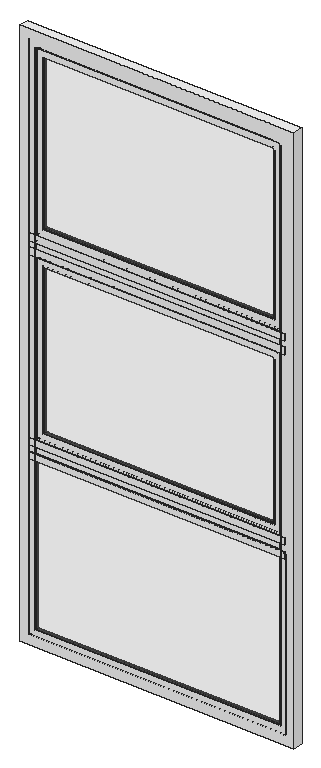
Revit family
Parameters (values of type "TH-PTT0918")
  Height = 1790 mm
  Head Height = 2125 mm
  Default Sill Height = Head Height - Height  # 335 mm
  Wall Closure = (empty or 0)
  Width = 890 mm
Types (5, lengths in mm): name | Height | Default Sill Height | Width
  (no name) | 1790 | 335 | 890
  TH-PTT0615 | 1490 | 635 | 590
  TH-PTT0915 | 1490 | 635 | 890
  TH-PTT0918 | 1790 | 335 | 890
  TH-PTT0618 | 1790 | 335 | 590
Reference planes
  plane 1 "Center (Front/Back)": y = 0
  plane 2 "Center (Left/Right)": x = 0
  plane 3 "Left": x = -445
  plane 4 "Right": x = 445
  plane 5 "Sill": z = 335
  plane 6 "Head": z = 2125
  plane 7 "Exterior": y = 100
  plane 8 "Interior": y = -100
  plane 9: y = -30.5
  plane 10: x = 0
  plane 11: z = 1530
  plane 12: z = 968.16
Forms (mm)
  Sweep 1, solid, material "Default Frame"
    path origin (0, 100, 0) x (1, 0, 0) y (0, 0, 1)
      loop
        line (445, 2125) -> (-445, 2125) -> (-445, 335) -> (445, 335) -> (445, 2125)
    profile origin (0, 100, 2125) x (0, 0, -1) y (0, -1, 0)
      loop
        line (0, 115.25) -> (0, 84.75) -> (30.58, 84.75) -> (30.58, 87.464) -> (28.08, 86.021) -> (28.08, 113.85) -> (39.575, 113.85) -> (39.575, 111.85) -> (46.275, 111.85)
        arc (46.275, 111.85) -> (46.875, 111.25) -> (47.475, 111.85) r 0.6
        line (47.475, 111.85) -> (47.475, 115.25) -> (0, 115.25)
  Sweep 2, solid, material "Default Frame"
    path origin (-50, -100, -50) x (1, 0, 0) y (0, 0, -1)
      loop
        line (445, -2125) -> (445, -1582.76) -> (-345, -1582.76) -> (-345, -2125) -> (445, -2125)
    profile origin (0, -100, 2075) x (0, 0, 1) y (0, 1, 0)
      loop
        line (-2.36, 95.735) -> (-1.858, 90.997)
        arc (-1.858, 90.997) -> (-1.541, 90.736) -> (-1.26, 91.035) r 0.3
        line (-1.26, 91.035) -> (-1.26, 117.263) -> (-3.26, 116.536) -> (-3.26, 118.735) -> (-4.719, 118.735) -> (-17.687, 105.637) -> (-17.687, 104.637) -> (-5.88, 104.637) -> (-5.88, 105.637) -> (-2.36, 105.637) -> (-2.36, 95.735)
  Extrusion 3, solid, material "Glass"
    sketch origin (0, 0.5, 49.432) x (1, 0, 0) y (0, 0, 1)
      loop
        line (389.12, 2019.688) -> (-389.12, 2019.688) -> (-389.12, 1489.208) -> (389.12, 1489.208) -> (389.12, 2019.688)
    from 0 to 3
  Sweep 4, solid, material "Default Frame"
    path origin (-50, -100, -50) x (1, 0, 0) y (0, 0, -1)
      loop
        line (445, -2125) -> (445, -1582.8) -> (-345, -1582.8) -> (-345, -2125) -> (445, -2125)
    profile origin (0, -100, 2075) x (0, 0, 1) y (0, 1, 0)
      loop
        line (10.425, 88.75) -> (10.425, 91.464) -> (7.92, 90.018) -> (7.92, 117.85) -> (19.42, 117.85) -> (19.42, 115.85) -> (26.12, 115.85)
        arc (26.12, 115.85) -> (26.72, 115.25) -> (27.32, 115.85) r 0.6
        line (27.32, 115.85) -> (27.32, 119.25) -> (-3.26, 119.25) -> (-3.26, 116.536) -> (-0.76, 117.979) -> (-0.76, 90.15) -> (-12.255, 90.15) -> (-12.255, 92.15) -> (-18.955, 92.15)
        arc (-18.955, 92.15) -> (-19.555, 92.75) -> (-20.155, 92.15) r 0.6
        line (-20.155, 92.15) -> (-20.155, 88.75) -> (10.425, 88.75)
  Sweep 5, solid, material "Rubber seal"
    path origin (-50, -100, -50) x (1, 0, 0) y (0, 0, -1)
      loop
        line (445, -2125) -> (445, -1582.76) -> (-345, -1582.76) -> (-345, -2125) -> (445, -2125)
    profile origin (0, -100, 2075) x (0, 0, 1) y (0, 1, 0)
      loop
        line (-18.698, 104.637) -> (-22.835, 100.5) -> (-12.329, 100.5) -> (-12.329, 104.637) -> (-18.698, 104.637)
      loop
        line (-22.835, 97.5) -> (-19.555, 92.75) -> (-12.329, 92.75) -> (-12.329, 97.5) -> (-22.835, 97.5)
  Sweep 6, solid, material "Default Frame"
    path origin (-21.24, -100, -630.28) x (1, 0, 0) y (0, 0, -1)
      loop
        line (445, -2125) -> (445, -1540.66) -> (-402.54, -1540.66) -> (-402.54, -2125) -> (445, -2125)
    profile origin (-0.01, -100, 1494.72) x (0, 0, 1) y (0, 1, 0)
      loop
        line (-31.12, 95.735) -> (-30.618, 90.997)
        arc (-30.618, 90.997) -> (-30.301, 90.736) -> (-30.02, 91.035) r 0.3
        line (-30.02, 91.035) -> (-30.02, 117.263) -> (-32.02, 116.536) -> (-32.02, 118.735) -> (-33.479, 118.735) -> (-46.447, 105.637) -> (-46.447, 104.637) -> (-34.64, 104.637) -> (-34.64, 105.637) -> (-31.12, 105.637) -> (-31.12, 95.735)
  Extrusion 7, solid, material "Glass"
    sketch origin (-17.858, 0.5, -559.608) x (1, 0, 0) y (0, 0, 1)
      loop
        line (406.978, 2019.688) -> (-371.262, 2019.688) -> (-371.262, 1504.628) -> (406.978, 1504.628) -> (406.978, 2019.688)
    from 0 to 3
  Sweep 8, solid, material "Default Frame"
    path origin (-42.32, -100, -651.36) x (1, 0, 0) y (0, 0, -1)
      loop
        line (445, -2125) -> (445, -1582.8) -> (-360.4, -1582.8) -> (-360.4, -2125) -> (445, -2125)
    profile origin (-0.02, -100, 1473.64) x (0, 0, 1) y (0, 1, 0)
      loop
        line (2.745, 88.75) -> (2.745, 91.464) -> (0.24, 90.018) -> (0.24, 117.85) -> (11.74, 117.85) -> (11.74, 115.85) -> (18.44, 115.85)
        arc (18.44, 115.85) -> (19.04, 115.25) -> (19.64, 115.85) r 0.6
        line (19.64, 115.85) -> (19.64, 119.25) -> (-10.94, 119.25) -> (-10.94, 116.536) -> (-8.44, 117.979) -> (-8.44, 90.15) -> (-19.935, 90.15) -> (-19.935, 92.15) -> (-26.635, 92.15)
        arc (-26.635, 92.15) -> (-27.235, 92.75) -> (-27.835, 92.15) r 0.6
        line (-27.835, 92.15) -> (-27.835, 88.75) -> (2.745, 88.75)
  Sweep 9, solid, material "Rubber seal"
    path origin (-14.179, -100, -623.219) x (1, 0, 0) y (0, 0, -1)
      loop
        line (445, -2125) -> (445, -1526.519) -> (-416.681, -1526.519) -> (-416.681, -2125) -> (445, -2125)
    profile origin (-0.019, -100, 1501.781) x (0, 0, 1) y (0, 1, 0)
      loop
        line (-54.52, 104.637) -> (-58.657, 100.5) -> (-48.15, 100.5) -> (-48.15, 104.637) -> (-54.52, 104.637)
      loop
        line (-58.657, 97.5) -> (-55.376, 92.75) -> (-48.15, 92.75) -> (-48.15, 97.5) -> (-58.657, 97.5)
  Sweep 10, solid, material "Default Frame"
    path origin (-28.96, -108, -978.24) x (1, 0, 0) y (0, 0, -1)
      loop
        line (490.4, -1916.94) -> (490.4, -1296.8) -> (-432.46, -1296.8) -> (-432.46, -1916.94) -> (490.4, -1916.94)
    profile origin (0.01, -108, 938.7) x (0, 0, 1) y (0, 1, 0)
      loop
        line (-46.12, 99.735) -> (-45.618, 94.997)
        arc (-45.618, 94.997) -> (-45.301, 94.736) -> (-45.02, 95.035) r 0.3
        line (-45.02, 95.035) -> (-45.02, 121.263) -> (-47.02, 120.536) -> (-47.02, 122.735) -> (-48.479, 122.735) -> (-61.447, 109.637) -> (-61.447, 108.637) -> (-49.64, 108.637) -> (-49.64, 109.637) -> (-46.12, 109.637) -> (-46.12, 99.735)
  Extrusion 11, solid, material "Glass"
    sketch origin (0, -3.5, -933.912) x (1, 0, 0) y (0, 0, 1)
      loop
        line (411.8, 1822.971) -> (-411.78, 1822.971) -> (-411.78, 1302.112) -> (411.8, 1302.112) -> (411.8, 1822.971)
    from 0 to 3
  Sweep 12, solid, material "Rubber seal"
    path origin (-15.391, -108, -991.808) x (1, 0, 0) y (0, 0, -1)
      loop
        line (490.4, -1944.108) -> (490.4, -1296.8) -> (-459.608, -1296.8) -> (-459.608, -1944.108) -> (490.4, -1944.108)
    profile origin (0.004, -108, 952.3) x (0, 0, 1) y (0, 1, 0)
      loop
        line (-76.027, 108.637) -> (-80.164, 104.5) -> (-69.657, 104.5) -> (-69.657, 108.637) -> (-76.027, 108.637)
      loop
        line (-80.164, 101.5) -> (-76.884, 96.75) -> (-69.657, 96.75) -> (-69.657, 101.5) -> (-80.164, 101.5)
  Sweep 13, solid, material "Default Frame"
    path origin (0, 100, -620.62) x (1, 0, 0) y (0, 0, 1)
      loop
        line (414.42, 2145) -> (-414.42, 2145)
    profile origin (0, 100, 1524.38) x (0, 0, -1) y (0, -1, 0)
      loop
        line (-5.9, 115.25) -> (-5.9, 111.85)
        arc (-5.9, 111.85) -> (-5.3, 111.25) -> (-4.7, 111.85) r 0.6
        line (-4.7, 111.85) -> (2, 111.85) -> (2, 113.85) -> (13.5, 113.85) -> (13.5, 86.026) -> (11, 87.47) -> (11, 84.75) -> (39, 84.75) -> (39, 87.47) -> (36.5, 86.026) -> (36.5, 113.85) -> (48, 113.85) -> (48, 111.85) -> (54.7, 111.85)
        arc (54.7, 111.85) -> (55.3, 111.25) -> (55.9, 111.85) r 0.6
        line (55.9, 111.85) -> (55.9, 115.25) -> (34.5, 115.25) -> (34.5, 111.07) -> (15.5, 111.07) -> (15.5, 115.25) -> (-5.9, 115.25)
  Sweep 14, solid, material "Default Frame"
    path origin (0, 100, -1214.3) x (1, 0, 0) y (0, 0, 1)
      loop
        line (414.42, 2145) -> (-414.42, 2145)
    profile origin (0, 100, 930.7) x (0, 0, -1) y (0, -1, 0)
      loop
        line (-5.9, 115.25) -> (-5.9, 111.85)
        arc (-5.9, 111.85) -> (-5.3, 111.25) -> (-4.7, 111.85) r 0.6
        line (-4.7, 111.85) -> (2, 111.85) -> (2, 113.85) -> (13.5, 113.85) -> (13.5, 86.026) -> (11, 87.47) -> (11, 84.75) -> (39, 84.75) -> (39, 87.47) -> (36.5, 86.026) -> (36.5, 113.85) -> (48, 113.85) -> (48, 111.85) -> (54.7, 111.85)
        arc (54.7, 111.85) -> (55.3, 111.25) -> (55.9, 111.85) r 0.6
        line (55.9, 111.85) -> (55.9, 115.25) -> (34.5, 115.25) -> (34.5, 111.07) -> (15.5, 111.07) -> (15.5, 115.25) -> (-5.9, 115.25)
Lines and regions (mm)
  Opening 1
    outline origin (3500, -100, 0) x (1, 0, 0) y (0, 0, 1)
      loop
        line (-3055, 335) -> (-3055, 2125) -> (-3945, 2125) -> (-3945, 335) -> (-3055, 335)
  symbolic lines, style "Elevation Swing"
    curve 1: line (422.32, 19.25, 2102.32) -> (0, 19.25, 1505.48)
    curve 2: line (0, 19.25, 1505.48) -> (-422.355, 19.25, 2102.355)
    curve 3: line (422.32, 19.25, 1493.28) -> (0, 19.25, 911.8)
    curve 4: line (0, 19.25, 911.8) -> (-422.36, 19.25, 1493.28)
Text (mm)
  text "EXTERIOR" at (-1963.203, 1332.353, 0), in view "Ref. Level"
  text "INTERIOR" at (-1981.466, -818.386, 0), in view "Ref. Level"
  text "Exterior" at (0, 923.751, 2943.296), in view "Right"
  text "Exterior" at (0, 1040.484, 2685.409), in view "Left"
Dimensions and locks
  equal spacing: plane 3 "Left", plane 2 "Center (Left/Right)", plane 4 "Right"
  "Width": plane 3 "Left" to plane 4 "Right"
  "Height": plane 5 "Sill" to plane 6 "Head"
  "Default Sill Height": plane 5 "Sill" to level
  locked: plane 7 "Exterior" to host wall at 0
  locked: plane 8 "Interior" to host wall
  Extrusion 3 sketch curve to Sweep 4 = 2.62 mm  (x3)
  Sweep 4 to Extrusion 3 sketch curve = 2.58 mm
  equal spacing: plane 3 "Left", plane 10, plane 4 "Right"
  Extrusion 7 sketch curve to Sweep 8 = 2.62 mm  (x2)
  Extrusion 7 sketch curve to Sweep 8 = 2.66 mm
  Sweep 8 to Extrusion 7 sketch curve = 2.64 mm
  plane 12 to Extrusion 7 = 23.14 mm
  Sweep 1 to Sweep 10 sketch curve = 16.44 mm
  Sweep 12 sketch curve to Sweep 1 = 30.009 mm
  plane 12 to Extrusion 11 = 79.1 mm
  Sweep 2 sketch curve to Sweep 4 = 3.3 mm
  Sweep 5 sketch curve to Sweep 4 = 3.3 mm
  Sweep 8 to Sweep 6 sketch curve = 32 mm
  Sweep 6 sketch curve to Sweep 8 = 32 mm
  Sweep 9 sketch curve to Sweep 8 = 8.5 mm  (x2)
  Sweep 8 sketch curve to Sweep 1 = 11.7 mm
  Sweep 14 to Sweep 10 sketch curve = 47 mm
  Sweep 1 to Sweep 10 sketch curve = 47 mm
  Sweep 14 to Sweep 12 sketch curve = 60.6 mm
  Sweep 12 sketch curve to Sweep 10 = 60.6 mm
  aligned and locked: plane 10 to curve 2
  aligned and locked: curve 4 to Sweep 8
  aligned and locked: plane 2 "Center (Left/Right)" to curve 4
Automatic sketch dimensions
  Opening 1 sketch curve to plane 3 "Left" = 0 mm
  Opening 1 sketch curve to plane 4 "Right" = 0 mm
  Opening 1 sketch curve to plane 5 "Sill" = 0 mm
  Opening 1 sketch curve to plane 6 "Head" = 0 mm
  Sweep 1 sketch curve to plane 3 "Left" = 0 mm
  Sweep 1 sketch curve to plane 4 "Right" = 0 mm
  Sweep 1 sketch curve to plane 5 "Sill" = 0 mm
  Sweep 1 sketch curve to plane 6 "Head" = 0 mm
  Sweep 1 sketch curve to profile plane = 0 mm
  Sweep 1 sketch curve to profile plane = 28.08 mm
  Sweep 1 sketch curve to Sweep 1 sketch curve = 2.5 mm
  Sweep 1 sketch curve to Sweep 1 sketch curve = 11.495 mm
  Sweep 1 sketch curve to Sweep 1 sketch curve = 6.7 mm
  Sweep 1 sketch curve to Sweep 1 sketch curve = 0.6 mm
  profile plane to Sweep 1 sketch curve = 84.75 mm
  Sweep 1 sketch curve to Sweep 1 sketch curve = 1.271 mm
  Sweep 1 sketch curve to Sweep 1 sketch curve = 2.714 mm
  Sweep 1 sketch curve to Sweep 1 sketch curve = 24.386 mm
  Sweep 1 sketch curve to Sweep 1 sketch curve = 2 mm
  Sweep 1 sketch curve to Sweep 1 sketch curve = 3.4 mm
  Sweep 2 sketch curve to plane 3 "Left" = 50 mm
  plane 4 "Right" to Sweep 2 sketch curve = 50 mm
  plane 6 "Head" to Sweep 2 sketch curve = 50 mm
  profile plane to Sweep 2 sketch curve = 17.687 mm
  profile plane to Sweep 2 sketch curve = 5.88 mm
  profile plane to Sweep 2 sketch curve = 4.719 mm
  Sweep 2 sketch curve to Sweep 2 sketch curve = 1.459 mm
  profile plane to Sweep 2 sketch curve = 2.36 mm
  profile plane to Sweep 2 sketch curve = 1.858 mm
  Sweep 2 sketch curve to Sweep 2 sketch curve = 0.298 mm
  Sweep 2 sketch curve to Sweep 2 sketch curve = 0.3 mm
  profile plane to Sweep 2 sketch curve = 90.997 mm
  Sweep 2 sketch curve to Sweep 2 sketch curve = 4.738 mm
  Sweep 2 sketch curve to Sweep 2 sketch curve = 8.902 mm
  Sweep 2 sketch curve to Sweep 2 sketch curve = 1 mm  (x2)
  Sweep 2 sketch curve to Sweep 2 sketch curve = 10.899 mm
  Sweep 2 sketch curve to Sweep 2 sketch curve = 0.728 mm
  Sweep 2 sketch curve to Sweep 2 sketch curve = 2.2 mm
  Sweep 4 sketch curve to plane 3 "Left" = 50 mm
  plane 11 to Sweep 4 sketch curve = 2.8 mm
  plane 4 "Right" to Sweep 4 sketch curve = 50 mm
  plane 6 "Head" to Sweep 4 sketch curve = 50 mm
  profile plane to Sweep 4 sketch curve = 20.155 mm
  Sweep 4 sketch curve to Sweep 4 sketch curve = 0.6 mm  (x2)
  Sweep 4 sketch curve to Sweep 4 sketch curve = 6.7 mm  (x2)
  profile plane to Sweep 4 sketch curve = 3.26 mm
  profile plane to Sweep 4 sketch curve = 0.76 mm
  Sweep 4 sketch curve to profile plane = 7.92 mm
  Sweep 4 sketch curve to Sweep 4 sketch curve = 2.505 mm
  Sweep 4 sketch curve to Sweep 4 sketch curve = 11.5 mm
  profile plane to Sweep 4 sketch curve = 88.75 mm
  Sweep 4 sketch curve to Sweep 4 sketch curve = 1.268 mm
  Sweep 4 sketch curve to Sweep 4 sketch curve = 1.4 mm
  Sweep 4 sketch curve to Sweep 4 sketch curve = 2.714 mm  (x2)
  Sweep 4 sketch curve to Sweep 4 sketch curve = 3.4 mm
  Sweep 4 sketch curve to Sweep 4 sketch curve = 24.386 mm
  Sweep 4 sketch curve to Sweep 4 sketch curve = 0.686 mm
  Sweep 4 sketch curve to Sweep 4 sketch curve = 2 mm
  Sweep 4 sketch curve to Sweep 4 sketch curve = 1.443 mm
  profile plane to Sweep 5 sketch curve = 22.835 mm
  Sweep 5 sketch curve to Sweep 5 sketch curve = 0 mm
  Sweep 5 sketch curve to Sweep 5 sketch curve = 3.28 mm
  Sweep 5 sketch curve to Sweep 5 sketch curve = 4.137 mm  (x2)
  Sweep 5 sketch curve to Sweep 5 sketch curve = 6.37 mm
  Sweep 5 sketch curve to Sweep 5 sketch curve = 7.226 mm
  profile plane to Sweep 5 sketch curve = 92.75 mm
  Sweep 5 sketch curve to Sweep 5 sketch curve = 4.75 mm
  Sweep 5 sketch curve to Sweep 5 sketch curve = 3 mm
  plane 4 "Right" to Sweep 6 sketch curve = 21.24 mm
  Sweep 6 sketch curve to plane 11 = 35.28 mm
  profile plane to Sweep 6 sketch curve = 46.447 mm
  Sweep 6 sketch curve to Sweep 6 sketch curve = 11.806 mm
  Sweep 6 sketch curve to Sweep 6 sketch curve = 1.161 mm
  Sweep 6 sketch curve to Sweep 6 sketch curve = 1.459 mm
  Sweep 6 sketch curve to Sweep 6 sketch curve = 3.52 mm
  Sweep 6 sketch curve to Sweep 6 sketch curve = 0.502 mm
  Sweep 6 sketch curve to Sweep 6 sketch curve = 0.298 mm
  Sweep 6 sketch curve to Sweep 6 sketch curve = 0.3 mm
  profile plane to Sweep 6 sketch curve = 90.997 mm
  Sweep 6 sketch curve to Sweep 6 sketch curve = 4.738 mm
  Sweep 6 sketch curve to Sweep 6 sketch curve = 8.902 mm
  Sweep 6 sketch curve to Sweep 6 sketch curve = 1 mm  (x2)
  Sweep 6 sketch curve to Sweep 6 sketch curve = 10.899 mm
  Sweep 6 sketch curve to Sweep 6 sketch curve = 0.728 mm
  Sweep 6 sketch curve to Sweep 6 sketch curve = 2.2 mm
  plane 4 "Right" to Sweep 8 sketch curve = 42.32 mm
  Sweep 8 sketch curve to plane 11 = 56.36 mm
  Sweep 8 sketch curve to plane 12 = 36.72 mm
  profile plane to Sweep 8 sketch curve = 27.835 mm
  Sweep 8 sketch curve to Sweep 8 sketch curve = 0.6 mm  (x2)
  Sweep 8 sketch curve to Sweep 8 sketch curve = 6.7 mm  (x2)
  profile plane to Sweep 8 sketch curve = 10.94 mm
  Sweep 8 sketch curve to Sweep 8 sketch curve = 2.5 mm
  Sweep 8 sketch curve to profile plane = 0.24 mm
  Sweep 8 sketch curve to profile plane = 2.745 mm
  Sweep 8 sketch curve to Sweep 8 sketch curve = 11.5 mm
  profile plane to Sweep 8 sketch curve = 88.75 mm
  Sweep 8 sketch curve to Sweep 8 sketch curve = 1.268 mm
  Sweep 8 sketch curve to Sweep 8 sketch curve = 1.4 mm
  Sweep 8 sketch curve to Sweep 8 sketch curve = 2.714 mm  (x2)
  Sweep 8 sketch curve to Sweep 8 sketch curve = 3.4 mm
  Sweep 8 sketch curve to Sweep 8 sketch curve = 24.386 mm
  Sweep 8 sketch curve to Sweep 8 sketch curve = 0.686 mm
  Sweep 8 sketch curve to Sweep 8 sketch curve = 2 mm
  Sweep 8 sketch curve to Sweep 8 sketch curve = 1.443 mm
  plane 4 "Right" to Sweep 9 sketch curve = 14.179 mm
  Sweep 9 sketch curve to plane 11 = 28.219 mm
  profile plane to Sweep 9 sketch curve = 58.657 mm
  Sweep 9 sketch curve to Sweep 9 sketch curve = 0 mm
  Sweep 9 sketch curve to Sweep 9 sketch curve = 3.28 mm
  Sweep 9 sketch curve to Sweep 9 sketch curve = 4.137 mm  (x2)
  Sweep 9 sketch curve to Sweep 9 sketch curve = 6.37 mm
  Sweep 9 sketch curve to Sweep 9 sketch curve = 7.226 mm
  profile plane to Sweep 9 sketch curve = 92.75 mm
  Sweep 9 sketch curve to Sweep 9 sketch curve = 4.75 mm
  Sweep 9 sketch curve to Sweep 9 sketch curve = 3 mm
  Extrusion 11 sketch curve to plane 12 = 79.1 mm
  Extrusion 11 sketch curve to plane 3 "Left" = 33.22 mm
  plane 4 "Right" to Extrusion 11 sketch curve = 33.2 mm
  Extrusion 11 sketch curve to plane 5 "Sill" = 33.2 mm
  plane 5 "Sill" to Sweep 12 sketch curve = 30.008 mm
  Sweep 13 sketch curve to plane 11 = 5.62 mm
  Sweep 13 sketch curve to plane 3 "Left" = 30.58 mm
  plane 4 "Right" to Sweep 13 sketch curve = 30.58 mm
  profile plane to Sweep 13 sketch curve = 5.9 mm
  Sweep 13 sketch curve to Sweep 13 sketch curve = 0.6 mm  (x2)
  Sweep 13 sketch curve to profile plane = 2 mm
  Sweep 13 sketch curve to profile plane = 11 mm
  Sweep 13 sketch curve to Sweep 13 sketch curve = 2.5 mm  (x2)
  Sweep 13 sketch curve to Sweep 13 sketch curve = 2 mm  (x4)
  Sweep 13 sketch curve to Sweep 13 sketch curve = 19 mm
  Sweep 13 sketch curve to Sweep 13 sketch curve = 11.5 mm
  Sweep 13 sketch curve to Sweep 13 sketch curve = 6.7 mm
  profile plane to Sweep 13 sketch curve = 84.75 mm
  Sweep 13 sketch curve to Sweep 13 sketch curve = 1.276 mm  (x2)
  Sweep 13 sketch curve to Sweep 13 sketch curve = 2.72 mm  (x2)
  Sweep 13 sketch curve to Sweep 13 sketch curve = 23.6 mm
  Sweep 13 sketch curve to Sweep 13 sketch curve = 0.78 mm  (x2)
  Sweep 13 sketch curve to Sweep 13 sketch curve = 3.4 mm  (x2)
  Sweep 14 sketch curve to plane 3 "Left" = 30.58 mm
  plane 4 "Right" to Sweep 14 sketch curve = 30.58 mm
  Sweep 14 sketch curve to plane 12 = 37.46 mm
  profile plane to Sweep 14 sketch curve = 5.9 mm
  Sweep 14 sketch curve to Sweep 14 sketch curve = 0.6 mm  (x2)
  Sweep 14 sketch curve to profile plane = 2 mm
  Sweep 14 sketch curve to profile plane = 11 mm
  Sweep 14 sketch curve to Sweep 14 sketch curve = 2.5 mm  (x2)
  Sweep 14 sketch curve to Sweep 14 sketch curve = 2 mm  (x4)
  Sweep 14 sketch curve to Sweep 14 sketch curve = 19 mm
  Sweep 14 sketch curve to Sweep 14 sketch curve = 11.5 mm
  Sweep 14 sketch curve to Sweep 14 sketch curve = 6.7 mm
  profile plane to Sweep 14 sketch curve = 84.75 mm
  Sweep 14 sketch curve to Sweep 14 sketch curve = 1.276 mm  (x2)
  Sweep 14 sketch curve to Sweep 14 sketch curve = 2.72 mm  (x2)
  Sweep 14 sketch curve to Sweep 14 sketch curve = 23.6 mm
  Sweep 14 sketch curve to Sweep 14 sketch curve = 0.78 mm  (x2)
  Sweep 14 sketch curve to Sweep 14 sketch curve = 3.4 mm  (x2)
  profile plane to Sweep 10 sketch curve = 61.447 mm
  Sweep 10 sketch curve to Sweep 10 sketch curve = 1.161 mm
  Sweep 10 sketch curve to Sweep 10 sketch curve = 1.459 mm
  Sweep 10 sketch curve to Sweep 10 sketch curve = 3.52 mm
  Sweep 10 sketch curve to Sweep 10 sketch curve = 0.502 mm
  Sweep 10 sketch curve to Sweep 10 sketch curve = 0.298 mm
  Sweep 10 sketch curve to Sweep 10 sketch curve = 0.3 mm
  profile plane to Sweep 10 sketch curve = 94.997 mm
  Sweep 10 sketch curve to Sweep 10 sketch curve = 4.738 mm
  Sweep 10 sketch curve to Sweep 10 sketch curve = 8.902 mm
  Sweep 10 sketch curve to Sweep 10 sketch curve = 1 mm  (x2)
  Sweep 10 sketch curve to Sweep 10 sketch curve = 10.899 mm
  Sweep 10 sketch curve to Sweep 10 sketch curve = 0.728 mm
  Sweep 10 sketch curve to Sweep 10 sketch curve = 2.2 mm
  Sweep 10 sketch curve to Sweep 10 sketch curve = 11.806 mm
  profile plane to Sweep 12 sketch curve = 80.164 mm
  Sweep 12 sketch curve to Sweep 12 sketch curve = 0 mm
  Sweep 12 sketch curve to Sweep 12 sketch curve = 3.28 mm
  Sweep 12 sketch curve to Sweep 12 sketch curve = 4.137 mm  (x2)
  Sweep 12 sketch curve to Sweep 12 sketch curve = 6.37 mm
  Sweep 12 sketch curve to Sweep 12 sketch curve = 7.226 mm
  profile plane to Sweep 12 sketch curve = 96.75 mm
  Sweep 12 sketch curve to Sweep 12 sketch curve = 4.75 mm
  Sweep 12 sketch curve to Sweep 12 sketch curve = 3 mm
  Sweep 5 sketch curve to plane 3 "Left" = 50 mm
  plane 4 "Right" to Sweep 5 sketch curve = 50 mm
  plane 6 "Head" to Sweep 5 sketch curve = 50 mm
  plane 5 "Sill" to Sweep 10 sketch curve = 16.44 mm
  curve 3 to Sweep 4 = 0 mm
  curve 1 to Sweep 4 = 0 mm  (x2)
  curve 2 to Sweep 4 = 0 mm
  curve 2 to Sweep 4 = 0.035 mm
  curve 4 to Sweep 4 = 0.04 mm
  curve 4 to Sweep 4 = 12.2 mm
  curve 3 to Sweep 4 = 12.2 mm
  Sweep 4 to curve 2 = 0.035 mm
